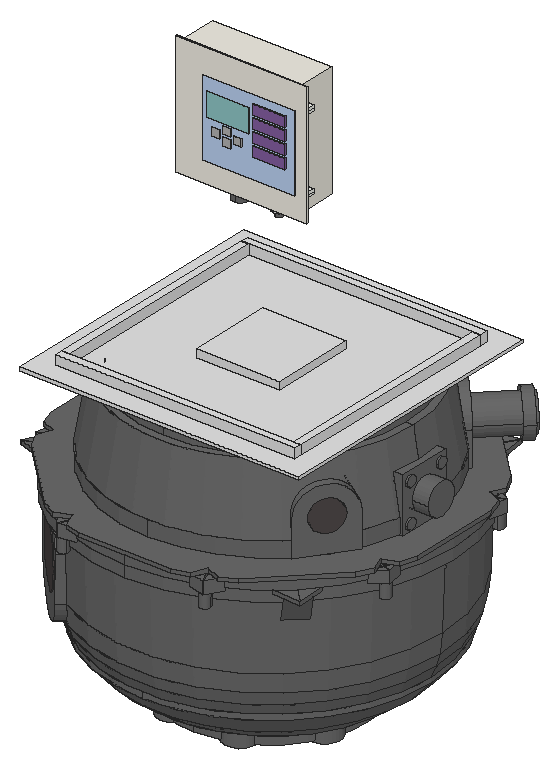
Revit family "280550xc (200)", category Generic Models, Revit 2021 (continued)
Definition of nested family "280550xc (200)_part2_X0Y0"
  Definition of nested family "280550xc (200)_part2_content"
    Forms (mm)
      Extrusion 19, solid, detail levels medium+fine
        sketch origin (-66, -66, 473.5) x (0, 1, 0) y (0, 0, 1)
          loop
            line (0, 12) -> (0, 0) -> (132, 0) -> (132, 12) -> (0, 12)
        from 0 to 132
      Extrusion 20, solid, detail levels medium+fine
        sketch origin (0, 60, 320) x (0, -1, 0) y (0, 0, 1)
          loop
            line (0, 50) -> (0, 0) -> (120, 0) -> (120, 50) -> (0, 50)
        from 0 to 245.5
      Extrusion 21, solid, detail levels medium+fine
        sketch origin (0, 0, 370) x (0, -1, 0) y (0, 0, 1)
          loop
            circle (0, 0) r 60
        from 0 to 245.5
      Extrusion 22, solid, detail levels medium+fine
        sketch origin (-244, 0, 370) x (0, -1, 0) y (0, 0, 1)
          loop
            circle (0, 0) r 35.1
        from 0 to 1.75
      Extrusion 23, solid, detail levels medium+fine
        sketch origin (31.82, -31.82, 320) x (-0.707107, 0.707107, 0) y (0, 0, 1)
          loop
            line (0, 55.25) -> (0, 0) -> (90, 0) -> (90, 55.25) -> (0, 55.25)
        from 0 to 245.5
      Extrusion 24, solid, detail levels medium+fine
        sketch origin (0, 0, 375.25) x (-0.707107, 0.707107, 0) y (0, 0, 1)
          loop
            circle (0, 0) r 45
        from 0 to 245.5
      Extrusion 25, solid, detail levels medium+fine
        sketch origin (0, 0, 370) x (-0.707107, 0.707107, 0) y (0, 0, 1)
          loop
            circle (0, 0) r 27.7
        from 0 to 311.36
      Extrusion 26, solid, detail levels medium+fine
        sketch origin (0, 27.5, 332.75) x (0, 1, 0) y (0, 0, 1)
          loop
            circle (0, 0) r 8
        from 0 to 250
      Extrusion 27, solid, detail levels medium+fine
        sketch origin (0, -46.25, 320) x (0, 1, 0) y (0, 0, 1)
          loop
            line (0, 86.5) -> (0, 0) -> (86.5, 0) -> (86.5, 86.5) -> (0, 86.5)
        from 0 to 245.5
      Extrusion 28, solid, detail levels medium+fine
        sketch origin (0, -3, 363.25) x (0, 1, 0) y (0, 0, 1)
          loop
            circle (0, 0) r 24.75
        from 0 to 272.5
      Extrusion 29, solid, detail levels medium+fine
        sketch origin (0, 27.5, 393.75) x (0, 1, 0) y (0, 0, 1)
          loop
            circle (0, 0) r 8
        from 0 to 250
      Extrusion 30, solid, detail levels medium+fine
        sketch origin (0, -33.5, 332.75) x (0, 1, 0) y (0, 0, 1)
          loop
            circle (0, 0) r 8
        from 0 to 250
      Extrusion 31, solid, detail levels medium+fine
        sketch origin (0, -33.5, 393.75) x (0, 1, 0) y (0, 0, 1)
          loop
            circle (0, 0) r 8
        from 0 to 250
      Extrusion 32, solid, detail levels medium+fine
        sketch origin (-25.811, -36.862, 320) x (0.573577, 0.819152, 0) y (0, 0, 1)
          loop
            line (0, 55.25) -> (0, 0) -> (90, 0) -> (90, 55.25)
            arc (90, 55.25) -> (45, 100.25) -> (0, 55.25) r 45
        from 0 to 245.5
      Extrusion 33, solid, detail levels medium+fine
        sketch origin (199.464, -139.666, 375.25) x (0.573577, 0.819152, 0) y (0, 0, 1)
          loop
            circle (0, 0) r 25
        from 0 to 2.25
      Extrusion 34, solid, detail levels medium+fine
        sketch origin (-53.002, 127.957, 0) x (-0.92388, -0.382683, 0) y (0.382683, -0.92388, 0)
          loop
            circle (0, 0) r 25
        from 0 to 28.5
      Extrusion 35, solid, detail levels medium+fine
        sketch origin (-127.957, -53.002, 0) x (0.382683, -0.92388, 0) y (0.92388, 0.382683, 0)
          loop
            circle (0, 0) r 25
        from 0 to 28.5
      Extrusion 36, solid, detail levels medium+fine
        sketch origin (53.002, -127.957, 0) x (0.92388, 0.382683, 0) y (-0.382683, 0.92388, 0)
          loop
            circle (0, 0) r 25
        from 0 to 28.5
      Extrusion 37, solid, detail levels medium+fine
        sketch origin (53.002, 127.957, 0) x (-0.923879, 0.382684, 0) y (-0.382684, -0.923879, 0)
          loop
            circle (0, 0) r 25
        from 0 to 28.5
      Extrusion 38, solid, detail levels medium+fine
        sketch origin (-127.957, 53.002, 0) x (-0.382684, -0.923879, 0) y (0.923879, -0.382684, 0)
          loop
            circle (0, 0) r 25
        from 0 to 28.5
      Extrusion 39, solid, detail levels medium+fine
        sketch origin (-53.002, -127.957, 0) x (0.923879, -0.382684, 0) y (0.382684, 0.923879, 0)
          loop
            circle (0, 0) r 25
        from 0 to 28.5
      Extrusion 40, solid, detail levels medium+fine
        sketch origin (127.957, -53.002, 0) x (0.382684, 0.923879, 0) y (-0.923879, 0.382684, 0)
          loop
            circle (0, 0) r 25
        from 0 to 28.5
      Extrusion 41, solid, detail levels medium+fine
        sketch origin (127.957, 53.002, 0) x (-0.382683, 0.92388, 0) y (-0.92388, -0.382683, 0)
          loop
            circle (0, 0) r 25
        from 0 to 28.5
      Extrusion 42, solid, detail levels medium+fine
        sketch origin (0, 0, 209) x (0, -1, 0) y (0, 0, 1)
          loop
            line (-72.693, 35.337) -> (-68.918, -37.767)
            arc (-68.918, -37.767) -> (-63.198, -56.139) -> (-50.593, -70.678) r 46.983
            line (-50.593, -70.678) -> (-49.193, -71.697)
            arc (-49.193, -71.697) -> (-25.794, -83.147) -> (0, -86.788) r 83.079
            arc (0, -86.788) -> (25.794, -83.147) -> (49.193, -71.697) r 83.079
            line (49.193, -71.697) -> (50.593, -70.678)
            arc (50.593, -70.678) -> (63.198, -56.139) -> (68.918, -37.767) r 46.983
            line (68.918, -37.767) -> (72.693, 35.337)
            arc (72.693, 35.337) -> (71.616, 38.805) -> (69.783, 41.939) r 15.989
            arc (69.783, 41.939) -> (60.032, 51.336) -> (48.652, 58.679) r 69.984
            line (48.652, 58.679) -> (47.252, 59.417)
            arc (47.252, 59.417) -> (24.369, 68.322) -> (0, 71.344) r 99.373
            arc (0, 71.344) -> (-24.369, 68.322) -> (-47.252, 59.417) r 99.373
            line (-47.252, 59.417) -> (-48.652, 58.679)
            arc (-48.652, 58.679) -> (-60.032, 51.336) -> (-69.783, 41.939) r 69.984
            arc (-69.783, 41.939) -> (-71.616, 38.805) -> (-72.693, 35.337) r 15.989
        from 0 to 277.5
      Extrusion 43, solid, detail levels medium+fine
        sketch origin (0, 0, 209) x (0, -1, 0) y (0, 0, 1)
          loop
            circle (0, 0) r 55
        from 0 to 326
      Extrusion 44, solid, detail levels medium+fine
        sketch origin (0, 0, 209) x (0.707107, -0.707107, 0) y (0, 0, 1)
          loop
            line (-72.693, 35.337) -> (-68.918, -37.767)
            arc (-68.918, -37.767) -> (-63.198, -56.139) -> (-50.593, -70.678) r 46.983
            line (-50.593, -70.678) -> (-49.193, -71.697)
            arc (-49.193, -71.697) -> (-25.794, -83.147) -> (0, -86.788) r 83.079
            arc (0, -86.788) -> (25.794, -83.147) -> (49.193, -71.697) r 83.079
            line (49.193, -71.697) -> (50.593, -70.678)
            arc (50.593, -70.678) -> (63.198, -56.139) -> (68.918, -37.767) r 46.983
            line (68.918, -37.767) -> (72.693, 35.337)
            arc (72.693, 35.337) -> (71.616, 38.805) -> (69.783, 41.939) r 15.989
            arc (69.783, 41.939) -> (60.032, 51.336) -> (48.652, 58.679) r 69.984
            line (48.652, 58.679) -> (47.252, 59.417)
            arc (47.252, 59.417) -> (24.369, 68.322) -> (0, 71.344) r 99.373
            arc (0, 71.344) -> (-24.369, 68.322) -> (-47.252, 59.417) r 99.373
            line (-47.252, 59.417) -> (-48.652, 58.679)
            arc (-48.652, 58.679) -> (-60.032, 51.336) -> (-69.783, 41.939) r 69.984
            arc (-69.783, 41.939) -> (-71.616, 38.805) -> (-72.693, 35.337) r 15.989
        from 0 to 277.5
      Extrusion 45, solid, detail levels medium+fine
        sketch origin (0, 0, 209) x (-0.707107, -0.707107, 0) y (0, 0, 1)
          loop
            line (-72.693, 35.337) -> (-68.918, -37.767)
            arc (-68.918, -37.767) -> (-63.198, -56.139) -> (-50.593, -70.678) r 46.983
            line (-50.593, -70.678) -> (-49.193, -71.697)
            arc (-49.193, -71.697) -> (-25.794, -83.147) -> (0, -86.788) r 83.079
            arc (0, -86.788) -> (25.794, -83.147) -> (49.193, -71.697) r 83.079
            line (49.193, -71.697) -> (50.593, -70.678)
            arc (50.593, -70.678) -> (63.198, -56.139) -> (68.918, -37.767) r 46.983
            line (68.918, -37.767) -> (72.693, 35.337)
            arc (72.693, 35.337) -> (71.616, 38.805) -> (69.783, 41.939) r 15.989
            arc (69.783, 41.939) -> (60.032, 51.336) -> (48.652, 58.679) r 69.984
            line (48.652, 58.679) -> (47.252, 59.417)
            arc (47.252, 59.417) -> (24.369, 68.322) -> (0, 71.344) r 99.373
            arc (0, 71.344) -> (-24.369, 68.322) -> (-47.252, 59.417) r 99.373
            line (-47.252, 59.417) -> (-48.652, 58.679)
            arc (-48.652, 58.679) -> (-60.032, 51.336) -> (-69.783, 41.939) r 69.984
            arc (-69.783, 41.939) -> (-71.616, 38.805) -> (-72.693, 35.337) r 15.989
        from 0 to 277.5
      Extrusion 46, solid, detail levels medium+fine
        sketch origin (-195.161, -195.161, 209) x (0.707107, -0.707107, 0) y (0, 0, 1)
          loop
            circle (0, 0) r 50.1
        from 0 to 1.75
      Extrusion 47, solid, detail levels medium+fine
        sketch origin (-195.162, 195.162, 209) x (-0.707107, -0.707107, 0) y (0, 0, 1)
          loop
            circle (0, 0) r 50.1
        from 0 to 1.75
      Extrusion 48, solid, detail levels medium+fine
        sketch origin (220.165, 220.165, 370) x (-0.707107, 0.707107, 0) y (0, 0, 1)
          loop
            circle (0, 0) r 34.75
        from 0 to 15.7
      Extrusion 49, solid, detail levels medium+fine
        sketch origin (230.559, 230.559, 370) x (-0.707107, 0.707107, 0) y (0, 0, 1)
          loop
            circle (0, 0) r 27.7
        from 0 to 4.8
      Extrusion 50, solid, detail levels medium+fine
        sketch origin (232.893, 232.893, 370) x (-0.707107, 0.707107, 0) y (0, 0, 1)
          loop
            circle (0, 0) r 20
        from 0 to 1.7
      Extrusion 51, solid, detail levels medium+fine
        sketch origin (240.105, 225.963, 364) x (-0.707107, 0.707107, 0) y (0, 0, 1)
          loop
            circle (0, 0) r 4.2
        from 0 to 1.8
      Extrusion 52, solid, detail levels medium+fine
        sketch origin (240.105, 225.963, 376) x (-0.707107, 0.707107, 0) y (0, 0, 1)
          loop
            circle (0, 0) r 4.2
        from 0 to 1.8
      Extrusion 53, solid, detail levels medium+fine
        sketch origin (225.963, 240.105, 376) x (-0.707107, 0.707107, 0) y (0, 0, 1)
          loop
            circle (0, 0) r 4.2
        from 0 to 1.8
      Extrusion 54, solid, detail levels medium+fine
        sketch origin (225.963, 240.105, 364) x (-0.707107, 0.707107, 0) y (0, 0, 1)
          loop
            circle (0, 0) r 4.2
        from 0 to 1.8
      Extrusion 55, solid, detail levels medium+fine
        sketch origin (-259.107, -87.843, 294.5) x (-0.92388, -0.382683, 0) y (0, 0, -1)
          loop
            line (0, 48.5) -> (0, 0) -> (29.9, 0) -> (0, 48.5)
        from 0 to 36
      Extrusion 56, solid, detail levels medium+fine
        sketch origin (-272.082, -112.7, 273) x (0.382683, -0.92388, 0) y (0.92388, 0.382683, 0)
          loop
            circle (0, 0) r 7.75
        from 0 to 21.5
      Extrusion 57, solid, detail levels medium+fine
        sketch origin (-265.153, -109.83, 300) x (-0.92388, -0.382683, 0) y (-0.382683, 0.92388, 0)
          loop
            line (36.5, 0) -> (0, 0) -> (0, -32) -> (36.5, 0)
        from 0 to 5.5
      Extrusion 58, solid, detail levels medium+fine
        sketch origin (-265.153, -109.83, 314) x (-0.92388, -0.382683, 0) y (-0.382683, 0.92388, 0)
          loop
            line (17, 0) -> (0, 0) -> (0, -25) -> (17, 0)
        from 0 to 14
      Extrusion 59, solid, detail levels medium+fine
        sketch origin (-265.153, -109.83, 294.5) x (-0.382683, 0.92388, 0) y (-0.92388, -0.382683, 0)
          loop
            line (0, 36.5) -> (0, 0) -> (32, 0) -> (0, 36.5)
        from 0 to 5.5
      Extrusion 60, solid, detail levels medium+fine
        sketch origin (-265.153, -109.83, 300) x (-0.382683, 0.92388, 0) y (-0.92388, -0.382683, 0)
          loop
            line (0, 17) -> (0, 0) -> (25, 0) -> (0, 17)
        from 0 to 14
      Extrusion 61, solid, detail levels medium+fine
        sketch origin (-245.331, 121.102, 294.5) x (-0.923879, 0.382684, 0) y (0, 0, -1)
          loop
            line (0, 48.5) -> (0, 0) -> (29.9, 0) -> (0, 48.5)
        from 0 to 36
      Extrusion 62, solid, detail levels medium+fine
        sketch origin (-272.082, 112.7, 273) x (-0.382684, -0.923879, 0) y (0.923879, -0.382684, 0)
          loop
            circle (0, 0) r 7.75
        from 0 to 21.5
      Extrusion 63, solid, detail levels medium+fine
        sketch origin (-265.153, 109.83, 300) x (-0.923879, 0.382684, 0) y (0.382684, 0.923879, 0)
          loop
            line (36.5, 0) -> (0, 0) -> (0, -32) -> (36.5, 0)
        from 0 to 5.5
      Extrusion 64, solid, detail levels medium+fine
        sketch origin (-265.153, 109.83, 314) x (-0.923879, 0.382684, 0) y (0.382684, 0.923879, 0)
          loop
            line (17, 0) -> (0, 0) -> (0, -25) -> (17, 0)
        from 0 to 14
      Extrusion 65, solid, detail levels medium+fine
        sketch origin (-265.153, 109.83, 294.5) x (0.382684, 0.923879, 0) y (-0.923879, 0.382684, 0)
          loop
            line (0, 36.5) -> (0, 0) -> (32, 0) -> (0, 36.5)
        from 0 to 5.5
      Extrusion 66, solid, detail levels medium+fine
        sketch origin (-265.153, 109.83, 300) x (0.382684, 0.923879, 0) y (-0.923879, 0.382684, 0)
          loop
            line (0, 17) -> (0, 0) -> (25, 0) -> (0, 17)
        from 0 to 14
      Extrusion 67, solid, detail levels medium+fine
        sketch origin (-190, 178, 473.5) x (0, 1, 0) y (0, 0, 1)
          loop
            line (0, 15) -> (0, 0) -> (12, 0) -> (12, 15) -> (0, 15)
        from 0 to 380
      Extrusion 68, solid, detail levels medium+fine
        sketch origin (-190, -190, 473.5) x (0, 1, 0) y (0, 0, 1)
          loop
            line (0, 15) -> (0, 0) -> (12, 0) -> (12, 15) -> (0, 15)
        from 0 to 380
      Extrusion 69, solid, detail levels medium+fine
        sketch origin (-190, -178, 473.5) x (0, 1, 0) y (0, 0, 1)
          loop
            line (0, 15) -> (0, 0) -> (356, 0) -> (356, 15) -> (0, 15)
        from 0 to 12
      Extrusion 70, solid, detail levels medium+fine
        sketch origin (178, -178, 473.5) x (0, 1, 0) y (0, 0, 1)
          loop
            line (0, 15) -> (0, 0) -> (356, 0) -> (356, 15) -> (0, 15)
        from 0 to 12
      Extrusion 71, solid, detail levels medium+fine
        sketch origin (180.312, -205.768, 294.5) x (0.707106, -0.707107, 0) y (0, 0, -1)
          loop
            line (0, 48.5) -> (0, 0) -> (29.9, 0) -> (0, 48.5)
        from 0 to 36
      Extrusion 72, solid, detail levels medium+fine
        sketch origin (202.939, -202.939, 300) x (0.707106, -0.707107, 0) y (-0.707107, -0.707106, 0)
          loop
            line (36.5, 0) -> (0, 0) -> (0, -32) -> (36.5, 0)
        from 0 to 5.5
      Extrusion 73, solid, detail levels medium+fine
        sketch origin (202.939, -202.939, 294.5) x (-0.707107, -0.707106, 0) y (0.707106, -0.707107, 0)
          loop
            line (0, 36.5) -> (0, 0) -> (32, 0) -> (0, 36.5)
        from 0 to 5.5
      Extrusion 74, solid, detail levels medium+fine
        sketch origin (171.331, 213.304, 294.5) x (0.573577, 0.819151, 0) y (0, 0, -1)
          loop
            line (0, 48.5) -> (0, 0) -> (29.9, 0) -> (0, 48.5)
        from 0 to 36
      Extrusion 75, solid, detail levels medium+fine
        sketch origin (164.616, 235.097, 294.5) x (0.819151, -0.573577, 0) y (0.573577, 0.819151, 0)
          loop
            line (0, 36.5) -> (0, 0) -> (32, 0) -> (0, 36.5)
        from 0 to 5.5
      Extrusion 76, solid, detail levels medium+fine
        sketch origin (164.616, 235.097, 300) x (0.573577, 0.819151, 0) y (0.819151, -0.573577, 0)
          loop
            line (36.5, 0) -> (0, 0) -> (0, -32) -> (36.5, 0)
        from 0 to 5.5
      Extrusion 77, solid, detail levels medium+fine
        sketch origin (109.83, 265.153, 294.5) x (0.923879, -0.382684, 0) y (0.382684, 0.923879, 0)
          loop
            line (0, 17) -> (0, 0) -> (25, 0) -> (0, 17)
        from 0 to 19.5
      Extrusion 78, solid, detail levels medium+fine
        sketch origin (112.7, 272.082, 273) x (-0.923879, 0.382684, 0) y (-0.382684, -0.923879, 0)
          loop
            circle (0, 0) r 7.75
        from 0 to 21.5
      Extrusion 79, solid, detail levels medium+fine
        sketch origin (109.83, 265.153, 314) x (0.382684, 0.923879, 0) y (0.923879, -0.382684, 0)
          loop
            line (17, 0) -> (0, 0) -> (0, -25) -> (17, 0)
        from 0 to 19.5
      Extrusion 80, solid, detail levels medium+fine
        sketch origin (272.082, 112.7, 273) x (-0.382683, 0.92388, 0) y (-0.92388, -0.382683, 0)
          loop
            circle (0, 0) r 7.75
        from 0 to 21.5
      Extrusion 81, solid, detail levels medium+fine
        sketch origin (265.153, 109.83, 314) x (0.92388, 0.382683, 0) y (0.382683, -0.92388, 0)
          loop
            line (17, 0) -> (0, 0) -> (0, -25) -> (17, 0)
        from 0 to 19.5
      Extrusion 82, solid, detail levels medium+fine
        sketch origin (265.153, 109.83, 294.5) x (0.382683, -0.92388, 0) y (0.92388, 0.382683, 0)
          loop
            line (0, 17) -> (0, 0) -> (25, 0) -> (0, 17)
        from 0 to 19.5
      Extrusion 83, solid, detail levels medium+fine
        sketch origin (-112.7, 272.082, 273) x (-0.92388, -0.382683, 0) y (0.382683, -0.92388, 0)
          loop
            circle (0, 0) r 7.75
        from 0 to 21.5
      Extrusion 84, solid, detail levels medium+fine
        sketch origin (-109.83, 265.153, 314) x (-0.382683, 0.92388, 0) y (0.92388, 0.382683, 0)
          loop
            line (17, 0) -> (0, 0) -> (0, -25) -> (17, 0)
        from 0 to 19.5
      Extrusion 85, solid, detail levels medium+fine
        sketch origin (-109.83, 265.153, 294.5) x (0.92388, 0.382683, 0) y (-0.382683, 0.92388, 0)
          loop
            line (0, 17) -> (0, 0) -> (25, 0) -> (0, 17)
        from 0 to 19.5
      Extrusion 86, solid, detail levels medium+fine
        sketch origin (272.082, -112.7, 273) x (0.382684, 0.923879, 0) y (-0.923879, 0.382684, 0)
          loop
            circle (0, 0) r 7.75
        from 0 to 21.5
      Extrusion 87, solid, detail levels medium+fine
        sketch origin (265.153, -109.83, 294.5) x (-0.382684, -0.923879, 0) y (0.923879, -0.382684, 0)
          loop
            line (0, 17) -> (0, 0) -> (25, 0) -> (0, 17)
        from 0 to 19.5
      Extrusion 88, solid, detail levels medium+fine
        sketch origin (265.153, -109.83, 314) x (0.923879, -0.382684, 0) y (-0.382684, -0.923879, 0)
          loop
            line (17, 0) -> (0, 0) -> (0, -25) -> (17, 0)
        from 0 to 19.5
      Extrusion 89, solid, detail levels medium+fine
        sketch origin (112.7, -272.082, 273) x (0.92388, 0.382683, 0) y (-0.382683, 0.92388, 0)
          loop
            circle (0, 0) r 7.75
        from 0 to 21.5
      Extrusion 90, solid, detail levels medium+fine
        sketch origin (109.83, -265.153, 314) x (0.382683, -0.92388, 0) y (-0.92388, -0.382683, 0)
          loop
            line (17, 0) -> (0, 0) -> (0, -25) -> (17, 0)
        from 0 to 19.5
      Extrusion 91, solid, detail levels medium+fine
        sketch origin (109.83, -265.153, 294.5) x (-0.92388, -0.382683, 0) y (0.382683, -0.92388, 0)
          loop
            line (0, 17) -> (0, 0) -> (25, 0) -> (0, 17)
        from 0 to 19.5
      Extrusion 92, solid, detail levels medium+fine
        sketch origin (-112.7, -272.082, 273) x (0.923879, -0.382684, 0) y (0.382684, 0.923879, 0)
          loop
            circle (0, 0) r 7.75
        from 0 to 21.5
      Extrusion 93, solid, detail levels medium+fine
        sketch origin (-109.83, -265.153, 294.5) x (-0.923879, 0.382684, 0) y (-0.382684, -0.923879, 0)
          loop
            line (0, 17) -> (0, 0) -> (25, 0) -> (0, 17)
        from 0 to 19.5
      Extrusion 94, solid, detail levels medium+fine
        sketch origin (-109.83, -265.153, 314) x (-0.382684, -0.923879, 0) y (-0.923879, 0.382684, 0)
          loop
            line (17, 0) -> (0, 0) -> (0, -25) -> (17, 0)
        from 0 to 19.5
      Extrusion 95, solid, detail levels coarse
        sketch origin (-17.478, 0, 0) x (1, 0, 0) y (0, 1, 0)
          loop
            line (-308.522, -291.044) -> (308.522, -291.044) -> (308.522, 291.044) -> (-308.522, 291.044) -> (-308.522, -291.044)
        from 0 to 488.5
    Dimensions and locks
      aligned and locked: level to plane 2
